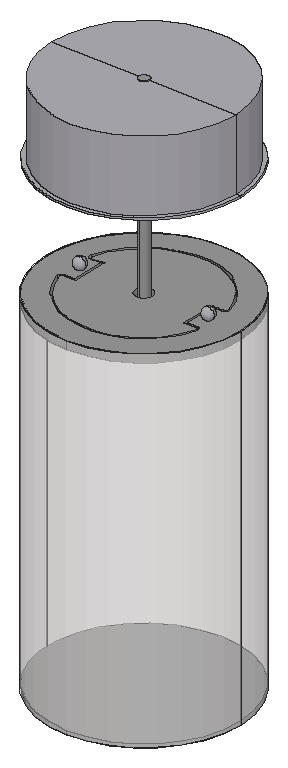
Revit family "Lighting - Lumetta - Pendant - AP506-12-36", category Lighting Fixtures, host Ceiling, Revit 2015
Parameters
  Wattage = 11.7117 W
  built-in parameter 1150110 = 1 (stored number, unit not read)
  URL = "https://lumetta.com/luminaires/intersect-pendant/"
  Type Comments = "Intersect Pendant "  # constant formula
  built-in parameter 1114217 = 1 (stored number, unit not read)
  built-in parameter 1150109 = 1 (stored number, unit not read)
  built-in parameter 1150134 = (empty or 0)
  Suspension [instance] = 2
  built-in parameter 1150113 = 1 (stored number, unit not read)
  Stem or Cord with Blst-Drvr in canopy [instance] = or(Suspension = 2, Suspension = 3)  # yes
  Stem Hung-ALL Lamping [instance] = Suspension = 3  # no
  P1204 URL [instance] = "https://lumetta.com/luminaires/intersect-pendant/"
  Light Source Symbol Size = 0' - 1"
  Coupling-Stems Over 60 inches [instance] = and([Stem Hung-ALL Lamping], Fixture Drop > 5' 0")  # no
  Model = "P1204"  # constant formula
  Manufacturer = "Lumetta, Inc."  # constant formula
  Lumens = 1300 lm
  built-in parameter 1150115 = 1 (stored number, unit not read)
  built-in parameter 1150105 = 103.45 (stored number, unit not read)
  built-in parameter 1150137 = (empty or 0)
  built-in parameter 1150139 = (empty or 0)
  built-in parameter 1150112 = 1 (stored number, unit not read)
  built-in parameter 1150114 = 1 (stored number, unit not read)
  built-in parameter 1150132 = 1
  built-in parameter 1150102 = (empty or 0)
  built-in parameter 1150138 = (empty or 0)
  built-in parameter 1150107 = 3000 (stored number, unit not read)
  built-in parameter 1150106 = 1.0345 (stored number, unit not read)
  Frame Finish [instance] = Paint - Lumetta - F02 - PC_Chrome
  Fixture Height [instance] = 0' - 11"
  Fixture Drop [instance] = 0' - 6"
  built-in parameter 1150104 = 10.312 (stored number, unit not read)
  Dimming Lamp Color Temperature Shift = (empty or 0)
  Diffuser Material [instance] = Shade - Lumetta - D61 - MT_White
  Description = "Intersect Pendant "  # constant formula
  Cord Hung-Medium Base [instance] = Suspension = 1  # no
  Cord Hung-Blst-Drvr in Canopy [instance] = or(Suspension = 1, Suspension = 2)  # yes
  Cord Hung-LED [instance] = Suspension = 2  # yes
  Cord Color [instance] = Cord, Black
  Color Filter = 16777215
  built-in parameter 1114218 = 1 (stored number, unit not read)
  built-in parameter 1150133 = 10 (stored number, unit not read)
Reference planes (in)
  plane 1 "Light Source Axis (F/B)": y = 0
  plane 2 "Ceiling": z = 96
  plane 3 "Light Source Axis (L/R)": x = 0
  plane 4 "Light Source Elevation": z = 87
  plane 5 "Fixture-Top": z = 90
  plane 6 "Fixture-Radius": x = 3
  plane 7 "Fixture-Height": z = 79
  plane 8: y = 0
  plane 9: x = 1.9375
Forms (in)
  Revolve 1, solid, material "Paint - Lumetta - F02 - PC_Chrome" <- "Frame Finish", visible <- "Cord Hung-Medium Base"
    sketch origin (0, 0, 0) x (1, 0, 0) y (0, 0, 1)
      loop
        line (0, 96) -> (0, 95.65) -> (2.125, 95.65)
        arc (2.125, 95.65) -> (2.21339, 95.68661) -> (2.25, 95.775) r 0.125
        line (2.25, 95.775) -> (2.25, 96) -> (0, 96)
      axis (0, 96) -> (0, 95.65)
    angle from 0 to 360
  Extrusion 2, solid, material "Paint - Lumetta - F02 - PC_Chrome" <- "Frame Finish", visible <- "Stem Hung-ALL Lamping"
    sketch origin (0, 0, 90) x (0, -1, 0) y (-1, 0, 0)
      loop
        circle (0, 0) r 0.25
    from 0.25754 to -6
  Revolve 3, solid, material "Paint - Lumetta - F02 - PC_Chrome" <- "Frame Finish", visible <- "Coupling-Stems Over 60 inches"
    sketch origin (0, 0, 0) x (1, 0, 0) y (0, 0, 1)
      loop
        line (0, 86.53023) -> (0, 86) -> (0.26233, 86)
        arc (0.26233, 86) -> (0.31307, 86.05074) -> (0.26233, 86.10149) r 0.05074
        arc (0.26233, 86.10149) -> (0.29304, 86.26499) -> (0.26243, 86.42851) r 0.45126
        arc (0.26243, 86.42851) -> (0.31329, 86.47937) -> (0.26243, 86.53023) r 0.05086
        line (0.26243, 86.53023) -> (0, 86.53023)
      axis (0, 86.53023) -> (0, 86)
    angle from 0 to 360
  Extrusion 4, solid, material "Cord, Black" <- "Cord Color", visible <- "Cord Hung-Blst-Drvr in Canopy"
    sketch origin (0, 0, 90) x (0, -1, 0) y (1, 0, 0)
      loop
        circle (0, 0) r 0.15674
    from -0.56254 to 6
  Extrusion 5, solid, material "Acrylic - 2447 - White"
    sketch origin (0, 0, 90) x (0, -1, 0) y (1, 0, 0)
      loop
        circle (0, 0) r 0.26562
      loop
        circle (0, 2) r 0.07846
      loop
        circle (0, -2) r 0.07846
      loop
        circle (0, 0) r 3
      loop
        line (-0.5, -2.06543) -> (-0.5, -1.75) -> (0.5, -1.75) -> (0.5, -2.06543)
        arc (0.5, -2.06543) -> (0.5505, -2.16581) -> (0.6612, -2.18508) r 0.125
        arc (0.6612, -2.18508) -> (2.28293, 0) -> (0.6612, 2.18508) r 2.28293
        arc (0.6612, 2.18508) -> (0.5505, 2.16581) -> (0.5, 2.06543) r 0.125
        line (0.5, 2.06543) -> (0.5, 1.75) -> (-0.5, 1.75) -> (-0.5, 2.06543)
        arc (-0.5, 2.06543) -> (-0.5505, 2.16581) -> (-0.6612, 2.18508) r 0.125
        arc (-0.6612, 2.18508) -> (-2.28293, 0) -> (-0.6612, -2.18508) r 2.28293
        arc (-0.6612, -2.18508) -> (-0.5505, -2.16581) -> (-0.5, -2.06543) r 0.125
      loop
        line (0.5625, -1.6875) -> (0.5625, -2.06543)
        arc (0.5625, -2.06543) -> (0.58775, -2.11562) -> (0.6431, -2.12526) r 0.0625
        arc (0.6431, -2.12526) -> (2.22043, 0) -> (0.6431, 2.12526) r 2.22043
        arc (0.6431, 2.12526) -> (0.58775, 2.11562) -> (0.5625, 2.06543) r 0.0625
        line (0.5625, 2.06543) -> (0.5625, 1.6875) -> (-0.5625, 1.6875) -> (-0.5625, 2.06543)
        arc (-0.5625, 2.06543) -> (-0.58775, 2.11562) -> (-0.6431, 2.12526) r 0.0625
        arc (-0.6431, 2.12526) -> (-2.22043, 0) -> (-0.6431, -2.12526) r 2.22043
        arc (-0.6431, -2.12526) -> (-0.58775, -2.11562) -> (-0.5625, -2.06543) r 0.0625
        line (-0.5625, -2.06543) -> (-0.5625, -1.6875) -> (0.5625, -1.6875)
    from -0.25754 to 0
  Revolve 6, solid, material "Paint - Lumetta - F02 - PC_Chrome" <- "Frame Finish", visible <- "Cord Hung-Medium Base"
    sketch origin (0, 0, 0) x (1, 0, 0) y (0, 0, 1)
      loop
        line (0, 95.65) -> (0, 95.15) -> (0.28125, 95.15) -> (0.375, 95.65) -> (0, 95.65)
      axis (0, 95.65) -> (0, 95.15)
    angle from 0 to 360
  Revolve 7, solid, material "Paint - Lumetta - F02 - PC_Chrome" <- "Frame Finish", visible <- "Stem or Cord with Blst-Drvr in canopy"
    sketch origin (0, 0, 0) x (1, 0, 0) y (0, 0, 1)
      loop
        line (1.9375, 93.72) -> (1.9375, 93.37095)
        arc (1.9375, 93.37095) -> (2.11821, 93.50953) -> (2.03125, 93.72) r 0.18712
        line (2.03125, 93.72) -> (1.9375, 93.72)
      axis (1.9375, 93.72) -> (1.9375, 93.37095)
    angle from 0 to 360
  Revolve 8, solid, material "Paint - Lumetta - F02 - PC_Chrome" <- "Frame Finish", visible <- "Stem or Cord with Blst-Drvr in canopy"
    sketch origin (0, 0, 0) x (-1, 0, 0) y (0, 0, 1)
      loop
        line (1.9375, 93.72) -> (1.9375, 93.37095)
        arc (1.9375, 93.37095) -> (2.11821, 93.50953) -> (2.03125, 93.72) r 0.18712
        line (2.03125, 93.72) -> (1.9375, 93.72)
      axis (1.9375, 93.72) -> (1.9375, 93.37095)
    angle from 0 to 360
  Revolve 9, solid, material "Paint - Lumetta - F02 - PC_Chrome" <- "Frame Finish", visible <- "Stem Hung-ALL Lamping"
    sketch origin (0, 0, 0) x (1, 0, 0) y (0, 0, 1)
      loop
        line (0, 96.0012) -> (0, 93.40625) -> (0.34988, 93.40625)
        arc (0.34988, 93.40625) -> (0.49124, 93.54417) -> (0.58115, 93.72) r 0.61026
        line (0.58115, 93.72) -> (3, 93.72) -> (3, 93.78) -> (2.875, 93.78) -> (2.875, 96.0012) -> (0, 96.0012)
      axis (0, 96.0012) -> (0, 93.40625)
    angle from 0 to 360
  Revolve 10, solid, material "Paint - Lumetta - F02 - PC_Chrome" <- "Frame Finish"
    sketch origin (0, 0, 0) x (1, 0, 0) y (0, 0, 1)
      loop
        arc (2.10825, 90) -> (2.16727, 90.19696) -> (2, 90.31653) r 0.17678
        line (2, 90.31653) -> (2, 90) -> (2.10825, 90)
      axis (2, 90.31653) -> (2, 90)
    angle from 0 to 360
  Extrusion 11, solid, material "Acrylic - P95 - Etched White"
    sketch origin (0, 0, 79) x (0, -1, 0) y (1, 0, 0)
      loop
        circle (0, 0) r 3
    from 0 to 0.11365
  Revolve 12, solid, material "Paint - Lumetta - F02 - PC_Chrome" <- "Frame Finish", visible <- "Cord Hung-LED"
    sketch origin (0, 0, -2.02309) x (1, 0, 0) y (0, 0, 1)
      loop
        line (0, 95.74309) -> (0, 95.24309) -> (0.28125, 95.24309) -> (0.375, 95.74309) -> (0, 95.74309)
      axis (0, 95.74309) -> (0, 95.24309)
    angle from 0 to 360
  Revolve 13, solid, material "Paint - Lumetta - F02 - PC_Chrome" <- "Frame Finish", visible <- "Cord Hung-LED"
    sketch origin (0, 0, 0) x (1, 0, 0) y (0, 0, 1)
      loop
        line (0, 96) -> (0, 93.72) -> (3, 93.72) -> (3, 93.78125) -> (2.875, 93.78125) -> (2.875, 96) -> (0, 96)
      axis (0, 96) -> (0, 93.72)
    angle from 0 to 360
  Revolve 14, solid, material "Paint - Lumetta - F02 - PC_Chrome" <- "Frame Finish"
    sketch origin (0, 0, 0) x (-1, 0, 0) y (0, 0, 1)
      loop
        arc (2.10825, 90) -> (2.16727, 90.19696) -> (2, 90.31653) r 0.17678
        line (2, 90.31653) -> (2, 90) -> (2.10825, 90)
      axis (2, 90.31653) -> (2, 90)
    angle from 0 to 360
  Revolve 15, solid, material "Shade - Lumetta - D61 - MT_White" <- "Diffuser Material"
    sketch origin (0, 0, 0) x (1, 0, 0) y (0, 0, 1)
      loop
        line (3, 90) -> (3, 79) -> (3.03125, 79) -> (3.03125, 90) -> (3, 90)
      axis (0, 79) -> (0, 90)
    angle from 0 to 360
Dimensions and locks (in)
  equal spacing: host sketch curve, plane 3 "Light Source Axis (L/R)", host sketch curve
  equal spacing: host sketch curve, plane 1 "Light Source Axis (F/B)", host sketch curve
  host sketch curve to host sketch curve = 10' - 0"  (x2)
  "Fixture Drop": plane 2 "Ceiling" to plane 5 "Fixture-Top"
  plane 5 "Fixture-Top" to plane 4 "Light Source Elevation" = 0' - 3"
  plane 6 "Fixture-Radius" to plane 3 "Light Source Axis (L/R)" = 0' - 3"
  "Fixture Height": plane 5 "Fixture-Top" to plane 7 "Fixture-Height"
  locked: Extrusion 2 sketch curve to imposter light
  locked: Extrusion 2 sketch curve to imposter light at 0
  Revolve 3 sketch curve to Revolve 3 sketch curve = 0' - 0.15822"
  locked: Revolve 3 sketch curve to Revolve 3 sketch curve at 0.53023
  locked: Revolve 3 sketch curve to Revolve 3 sketch curve at 0.26243
  locked: Revolve 3 sketch curve to Revolve 3 sketch curve at 0.26233
  locked: Revolve 3 sketch curve to Revolve 3 sketch curve at 0.05074
  locked: Revolve 3 sketch curve to Revolve 3 sketch curve at 0.47937
  locked: Revolve 3 sketch curve to Revolve 3 sketch curve at 0.26512
  locked: Revolve 1 to Revolve 6 sketch curve at 0.5
  locked: plane 5 "Fixture-Top" to Extrusion 5 at 0.25754
  locked: Revolve 9 sketch curve to Revolve 9 sketch curve at 2.875
  locked: Revolve 9 sketch curve to Revolve 9 sketch curve at 0.31375
  locked: plane 2 "Ceiling" to Revolve 9 sketch curve at 2.28
  locked: Revolve 9 sketch curve to plane 3 "Light Source Axis (L/R)" at 0
  locked: Revolve 9 sketch curve to plane 2 "Ceiling" at 0.0012
  locked: plane 2 "Ceiling" to Revolve 1 sketch curve at 0.35
  locked: Revolve 1 sketch curve to plane 2 "Ceiling"
  locked: Revolve 1 sketch curve to plane 3 "Light Source Axis (L/R)" at 2.25
  locked: plane 2 "Ceiling" to Revolve 6 sketch curve at 0.35
  locked: Extrusion 5 sketch curve to plane 3 "Light Source Axis (L/R)" at 2
  locked: Extrusion 5 sketch curve to Extrusion 5 sketch curve at 4
  plane 3 "Light Source Axis (L/R)" to Revolve 10 sketch curve = 0' - 2"
  locked: Revolve 10 sketch curve to Revolve 10 sketch curve at 0.13975
  locked: Extrusion 11 to plane 7 "Fixture-Height" at 0.11365
  locked: Revolve 9 sketch curve to plane 3 "Light Source Axis (L/R)" at 3
  locked: Revolve 13 sketch curve to plane 2 "Ceiling"
  locked: plane 3 "Light Source Axis (L/R)" to Revolve 13 sketch curve at 2.875
  locked: plane 2 "Ceiling" to Revolve 13 sketch curve at 2.28
  locked: Revolve 13 sketch curve to Revolve 13 sketch curve at 0.06125
  locked: Revolve 13 sketch curve to Revolve 13 sketch curve at 0.125
  locked: Revolve 13 sketch curve to plane 3 "Light Source Axis (L/R)" at 0
  locked: Revolve 12 sketch curve to Revolve 12 sketch curve at 0.5
  locked: Revolve 12 sketch curve to Revolve 12 sketch curve at 0
  locked: Revolve 12 sketch curve to Revolve 12 sketch curve at 0.375
  locked: Revolve 12 sketch curve to Revolve 12 sketch curve at 0.28125
  locked: plane 2 "Ceiling" to Revolve 12 sketch curve at 2.28
  locked: Extrusion 5 sketch curve to plane 3 "Light Source Axis (L/R)" at 1.75
  plane 8 to Extrusion 5 sketch curve = 0' - 0 1/2"
  locked: Extrusion 5 sketch curve to Extrusion 5 sketch curve at 1  (x2)
  Revolve 10 sketch curve to plane 5 "Fixture-Top" = 0' - 0"
  Revolve 10 sketch curve to Revolve 10 sketch curve = 0' - 0"
  locked: Revolve 14 sketch curve to Revolve 14 sketch curve at 0.13975
  Revolve 14 sketch curve to Revolve 14 sketch curve = 0' - 0"
  locked: Revolve 15 sketch curve to plane 6 "Fixture-Radius" at 0
  locked: Revolve 15 sketch curve to Revolve 15 sketch curve at 0.03125
  locked: Revolve 15 sketch curve to plane 5 "Fixture-Top" at 0
  locked: Revolve 15 sketch curve to plane 7 "Fixture-Height" at 0
  radius of Extrusion 5 sketch curve = 0' - 3"
  radius of Extrusion 11 sketch curve = 0' - 3"
  aligned and locked: plane 3 "Light Source Axis (L/R)" to imposter light
  aligned and locked: plane 1 "Light Source Axis (F/B)" to imposter light
  aligned and locked: plane 4 "Light Source Elevation" to imposter light
  aligned and locked: Revolve 3 sketch curve to Revolve 3 sketch curve  (x2)
  aligned and locked: host ceiling to Extrusion 2
  aligned and locked: host ceiling to Extrusion 4
  aligned and locked: Extrusion 5 to Extrusion 2
  aligned and locked: Revolve 7 sketch curve to plane 9
  aligned and locked: Extrusion 5 to plane 5 "Fixture-Top"
  aligned and locked: plane 7 "Fixture-Height" to Extrusion 11
Automatic sketch dimensions
  Revolve 1 sketch curve to plane 3 "Light Source Axis (L/R)" = 0' - 0"  (x2)
  Revolve 1 sketch curve to Revolve 1 sketch curve = 0' - 0 1/8"
  Revolve 1 sketch curve to plane 5 "Fixture-Top" = 0' - 1 1/4"
  plane 2 "Ceiling" to Revolve 1 sketch curve = 0' - 9 3/4"
  Revolve 3 sketch curve to plane 3 "Light Source Axis (L/R)" = 0' - 0"
  Revolve 3 sketch curve to plane 2 "Ceiling" = 0' - 10"
  Revolve 3 sketch curve to Revolve 3 sketch curve = 0' - 11.34317"
  plane 1 "Light Source Axis (F/B)" to Extrusion 4 sketch curve = 0' - 0"
  Extrusion 4 sketch curve to plane 3 "Light Source Axis (L/R)" = 0' - 0"
  Revolve 6 sketch curve to plane 3 "Light Source Axis (L/R)" = 0' - 0"  (x2)
  Revolve 6 sketch curve to Revolve 6 sketch curve = 0' - 0 9/32"
  Revolve 6 sketch curve to Revolve 6 sketch curve = 0' - 0 3/8"
  Revolve 6 sketch curve to Revolve 6 sketch curve = 0' - 1 1/4"
  plane 2 "Ceiling" to Revolve 6 sketch curve = 0' - 6 11/16"
  Revolve 7 sketch curve to plane 9 = 0' - 0"
  plane 9 to Revolve 7 sketch curve = 0' - 0 3/32"
  Revolve 7 sketch curve to plane 2 "Ceiling" = 0' - 2.62905"
  Revolve 7 sketch curve to Revolve 7 sketch curve = 0' - 0.18712"
  Revolve 7 sketch curve to Revolve 7 sketch curve = 0' - 1.15095"
  plane 2 "Ceiling" to Revolve 7 sketch curve = 0' - 0.72"
  plane 3 "Light Source Axis (L/R)" to Revolve 8 sketch curve = 0' - 1 15/16"
  Revolve 8 sketch curve to Revolve 8 sketch curve = 0' - 0 3/32"
  plane 2 "Ceiling" to Revolve 8 sketch curve = 0' - 2.62905"
  Revolve 8 sketch curve to Revolve 8 sketch curve = 0' - 0.18712"
  Revolve 8 sketch curve to Revolve 8 sketch curve = 0' - 0"
  Revolve 8 sketch curve to Revolve 8 sketch curve = 0' - 1.15095"
  Revolve 8 sketch curve to plane 2 "Ceiling" = 0' - 0.72"
  Revolve 9 sketch curve to plane 3 "Light Source Axis (L/R)" = 0' - 0"  (x2)
  Revolve 9 sketch curve to Revolve 9 sketch curve = 0' - 0.34988"
  Revolve 9 sketch curve to Revolve 9 sketch curve = 0' - 0.23126"
  Revolve 9 sketch curve to Revolve 9 sketch curve = 0' - 0.06"
  Revolve 9 sketch curve to Revolve 9 sketch curve = 0' - 1.7488"
  Revolve 9 sketch curve to Revolve 9 sketch curve = 0' - 2 1/2"
  Revolve 10 sketch curve to Revolve 10 sketch curve = 0' - 0.10825"
  plane 5 "Fixture-Top" to Revolve 10 sketch curve = 0' - 0.44618"
  Revolve 10 sketch curve to Revolve 10 sketch curve = 0' - 0.28183"
  Revolve 12 sketch curve to plane 3 "Light Source Axis (L/R)" = 0' - 0"
  Revolve 12 sketch curve to Revolve 12 sketch curve = 0' - 1.34309"
  plane 2 "Ceiling" to Revolve 12 sketch curve = 0' - 4.66441"
  Revolve 13 sketch curve to plane 3 "Light Source Axis (L/R)" = 0' - 0"
  Revolve 13 sketch curve to Revolve 13 sketch curve = 0' - 10.47"
  plane 2 "Ceiling" to Revolve 13 sketch curve = 1' - 0"
  Revolve 14 sketch curve to plane 5 "Fixture-Top" = 0' - 0"
  plane 3 "Light Source Axis (L/R)" to Revolve 14 sketch curve = 0' - 2"
  Revolve 14 sketch curve to Revolve 14 sketch curve = 0' - 0.10825"
  Revolve 14 sketch curve to plane 5 "Fixture-Top" = 0' - 0.44618"
  Revolve 14 sketch curve to Revolve 14 sketch curve = 0' - 0.28183"
  Revolve 15 sketch curve to plane 3 "Light Source Axis (L/R)" = 0' - 0"
  plane 7 "Fixture-Height" to Revolve 15 sketch curve = 0' - 6"
  plane 4 "Light Source Elevation" to Revolve 15 sketch curve = 0' - 4"
  Extrusion 5 sketch curve to Extrusion 5 sketch curve = 0' - 0"  (x22)
  plane 1 "Light Source Axis (F/B)" to Extrusion 5 sketch curve = 0' - 0"  (x3)
  Extrusion 5 sketch curve to plane 3 "Light Source Axis (L/R)" = 0' - 0"
  Extrusion 5 sketch curve to Extrusion 5 sketch curve = 0' - 0 1/16"  (x10)
  Extrusion 5 sketch curve to plane 1 "Light Source Axis (F/B)" = 0' - 0 9/16"
  Extrusion 5 sketch curve to Extrusion 5 sketch curve = 0' - 0.31543"  (x2)
  Extrusion 5 sketch curve to plane 9 = 0' - 0 1/4"
  plane 9 to Extrusion 5 sketch curve = 0' - 0.12793"  (x2)
  plane 1 "Light Source Axis (F/B)" to Extrusion 11 sketch curve = 0' - 0"
  Extrusion 11 sketch curve to plane 3 "Light Source Axis (L/R)" = 0' - 0"
  radius of Extrusion 2 sketch curve = 0' - 0 1/4"
  radius of Extrusion 4 sketch curve = 0' - 0.15674"
  radius of Extrusion 5 sketch curve = 0' - 0 17/64"
  radius of Extrusion 5 sketch curve = 0' - 0.07846"  (x2)
